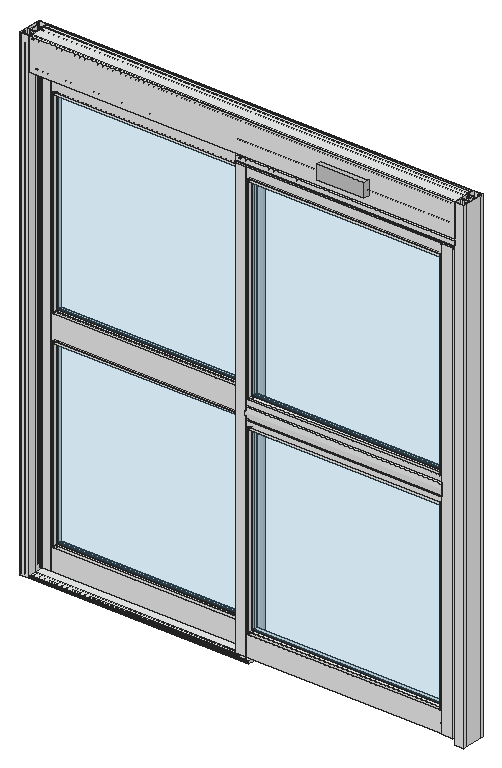
Revit family "2-6-3_Sliding-Door_TX9300SL_Single-RH-Inside-Slide-SX-SO-w-Elec-Lock-Flush-Mnt-Exit-Panic-HDW_Tormax", category Doors, host Wall, Revit 2026
Family settings
  Host = Wall
  Classification Number = 23.30.10.00
  Always vertical = Yes
  Cut with Voids When Loaded = Yes
  Shared = No
  Room Calculation Point = No
Parameters (values of type "7'-0" Package Width")
  Width = 7' - 0"
  URL = "https://www.tormaxusa.com"
  Thickness = 0' - 4 1/2"  # constant formula
  Specification = "https://www.arcat.com/company/tormax-usa-inc-43969/spec"
  Rough Width = Width + 0' 0 1/2"  # 7' - 0 1/2"
  Rough Height = Height + 0' 0 1/4"  # 7' - 8 1/4"
  Product Page URL = "https://www.arcat.com/arcatcos/cos43/arc43969.html"
  Model = "TX9300SL"
  Manufacturer = "Tormax"
  Keynote = "08 42 29"
  Height = 7' - 8"  # constant formula
  Glass = Glass - Tormax
  Frame Projection Ext. = 0' - 0"
  Frame Projection Int. = 0' - 0"
  Frame Width = 0' - 0"
  Wall Closure = By host
  Door Width = Width / 2 - 0' 0 9/16"  # 3' - 5 7/16"
  Door Height = Height  # 7' - 8"
  Frame Material = Aluminum - Tormax
  Description = "Single RH Inside Slide Application (SX-SO) w/ Electric Lock & Flush Mount Exit Panic HDW, 7'-0\" Package Width"
  Define Thermal Properties by = Schematic Type
  Copyright = "ARCAT"
  CAD Details = "https://www.arcat.com/company/tormax-usa-inc-43969/cad"
  Analytic Construction = "<None>"
Reference planes (in)
  plane 1 "Center (Front/Back)": y = 0
  plane 2 "Center (Left/Right)": x = 0
  plane 3 "Left": x = -42.25
  plane 4 "Right": x = 42.25
  plane 5 "Top": z = 91.75
  plane 6 "Exterior": y = 3
  plane 7 "Interior": y = -3
  plane 8: x = -1.3125
  plane 9: x = 1.3125
  plane 10: y = -2.25
  plane 11 "4": z = 85
  plane 12: x = -42
  plane 13: x = 42
  plane 14: z = 91.5
  plane 15: y = 2.25
  plane 16: x = -40.24908
  plane 17: x = 40.24908
  plane 18: y = 0.9375
  plane 19: y = -1.38997
  plane 20: x = 19.46829
  plane 21: z = 0.5
  plane 22: z = -0.5
Forms (in)
  Extrusion 1, solid, material "Plastic - Tormax - Grey"
    sketch origin (0, 0, 0) x (1, 0, 0) y (0, 0, 1)
      loop
        line (14.96829, 89.555) -> (14.96829, 86.945) -> (23.96829, 86.945) -> (23.96829, 89.555) -> (14.96829, 89.555)
    from 2.23036 to 3.23457
  Extrusion 2, solid, material "Plastic - Tormax - Grey"
    sketch origin (0, 0, 0) x (1, 0, 0) y (0, 0, 1)
      loop
        line (14.96829, 89.555) -> (14.96829, 86.945) -> (23.96829, 86.945) -> (23.96829, 89.555) -> (14.96829, 89.555)
    from -3.25 to -2.23457
  Sweep 3, solid, material "Aluminum - Tormax" <- "Frame Material"
    path origin (0, 0, 0) x (1, 0, 0) y (0, 0, 1)
      loop
        line (-40.24908, 85) -> (40.24908, 85)
    profile origin (0, 0, 85) x (0, 0, 1) y (0, -1, 0)
      loop
        line (5.77619, 2.07466) -> (5.77619, 1.22179) -> (5.91858, 1.22179)
        arc (5.91858, 1.22179) -> (5.95775, 1.20557) -> (5.97397, 1.1664) r 0.05539
        line (5.97397, 1.1664) -> (5.97397, 1.11939) -> (6.03942, 1.11939) -> (6.06795, 1.15867) -> (6.25171, 1.15867) -> (6.25171, 0.53164) -> (6.11284, 0.53164) -> (6.11284, 0.64246) -> (6.03429, 0.64246) -> (6.03429, 0.53164) -> (5.97397, 0.53164) -> (5.97397, 0.29669) -> (6.05393, 0.29669) -> (6.05393, 0.42995) -> (6.1928, 0.42995) -> (6.1928, 0.32403) -> (6.33027, 0.32403) -> (6.33027, -0.00721) -> (6.1928, -0.00721) -> (6.1928, -0.11382) -> (6.05393, -0.11382) -> (6.05393, 0.01944) -> (5.97397, 0.01944) -> (5.97397, -0.19378) -> (6.27276, -0.19378) -> (6.27276, -0.11503)
        arc (6.27276, -0.11503) -> (6.30151, -0.08627) -> (6.33027, -0.11503) r 0.02876
        line (6.33027, -0.11503) -> (6.33027, -0.44908)
        arc (6.33027, -0.44908) -> (6.30151, -0.47783) -> (6.27276, -0.44908) r 0.02876
        line (6.27276, -0.44908) -> (6.27276, -0.37032) -> (5.97397, -0.37032) -> (5.97397, -0.58354) -> (6.05393, -0.58354) -> (6.05393, -0.45028) -> (6.1928, -0.45028) -> (6.1928, -0.55689) -> (6.33027, -0.55689) -> (6.33027, -0.88653) -> (6.1928, -0.88653) -> (6.1928, -0.99314) -> (6.05393, -0.99314) -> (6.05393, -0.85988) -> (5.97397, -0.85988) -> (5.97397, -1.0731) -> (6.27276, -1.0731) -> (6.27276, -0.99434)
        arc (6.27276, -0.99434) -> (6.30151, -0.96559) -> (6.33027, -0.99434) r 0.02876
        line (6.33027, -0.99434) -> (6.33027, -1.32981)
        arc (6.33027, -1.32981) -> (6.30151, -1.35856) -> (6.27276, -1.32981) r 0.02876
        line (6.27276, -1.32981) -> (6.27276, -1.25125) -> (5.97397, -1.25125) -> (5.97397, -1.46306) -> (6.05393, -1.46306) -> (6.05393, -1.3298) -> (6.1928, -1.3298) -> (6.1928, -1.43623) -> (6.24189, -1.43623) -> (6.24189, -1.76475) -> (6.1928, -1.76475) -> (6.1928, -1.87407) -> (6.05393, -1.87407) -> (6.05393, -1.7394) -> (5.97397, -1.7394) -> (5.97397, -1.93598)
        arc (5.97397, -1.93598) -> (5.93664, -2.02611) -> (5.84651, -2.06344) r 0.12746
        line (5.84651, -2.06344) -> (1.75483, -2.06344) -> (1.75483, -1.53331) -> (1.9456, -1.35354) -> (1.9456, -0.73504) -> (1.83128, -0.62071) -> (2.08658, -0.36541) -> (2.03117, -0.31001) -> (1.93648, -0.40469) -> (1.83689, -0.3051) -> (1.91264, -0.22935) -> (1.85512, -0.17184) -> (2.08868, 0.06172) -> (2.14619, 0.00421) -> (2.22127, 0.07928) -> (2.32086, -0.02032) -> (2.22615, -0.11502) -> (2.28156, -0.17043) -> (2.38466, -0.06733) -> (2.38466, 0.9202) -> (2.23457, 0.9202) -> (2.23457, 0.32723)
        arc (2.23457, 0.32723) -> (2.2005, 0.23362) -> (2.11423, 0.18382) r 0.14562
        line (2.11423, 0.18382) -> (2.0338, 0.16963)
        arc (2.0338, 0.16963) -> (1.99627, 0.15695) -> (1.96422, 0.13365) r 0.13141
        line (1.96422, 0.13365) -> (1.83569, 0.00654)
        arc (1.83569, 0.00654) -> (1.6158, -0.06179) -> (1.43332, 0.07864) r 0.25
        line (1.43332, 0.07864) -> (1.36206, 0.23145) -> (1.17269, 0.23145) -> (1.17269, 0.1529) -> (1.30595, 0.1529) -> (1.30595, 0.01262) -> (1.19934, 0.01262) -> (1.19934, -0.06867) -> (0.8697, -0.06867) -> (0.8697, 0.01262) -> (0.76309, 0.01262) -> (0.76309, 0.1529) -> (0.89635, 0.1529) -> (0.89635, 0.23145) -> (0.59196, 0.23145) -> (0.59196, 0.11643) -> (0.47481, 0.11643)
        arc (0.47481, 0.11643) -> (0.40392, 0.14579) -> (0.37455, 0.21669) r 0.10026
        line (0.37455, 0.21669) -> (0.37455, 1.02507)
        arc (0.37455, 1.02507) -> (0.36443, 1.03854) -> (0.34867, 1.03258) r 0.01403
        line (0.34867, 1.03258) -> (0.23145, 0.84785) -> (0.23145, 0.28897) -> (-0.01964, 0.28897) -> (-0.01964, 0.45028) -> (-0.21462, 0.45028) -> (-0.21462, 0.4068) -> (-0.15431, 0.4068) -> (-0.15431, 0.33666) -> (-0.48395, 0.33666) -> (-0.48395, 0.4068) -> (-0.42504, 0.4068) -> (-0.42504, 0.45028) -> (-0.62422, 0.45028) -> (-0.62422, 0.04489) -> (-0.42504, 0.04489) -> (-0.42504, 0.08837) -> (-0.48395, 0.08837) -> (-0.48395, 0.15851) -> (-0.15431, 0.15851) -> (-0.15431, 0.08837) -> (-0.21462, 0.08837) -> (-0.21462, 0.04489) -> (0, 0.04489) -> (0, -2.23457) -> (6.5, -2.23457) -> (6.5, -2.00635)
        arc (6.5, -2.00635) -> (6.48905, -1.99208) -> (6.47243, -1.99896) r 0.01477
        line (6.47243, -1.99896) -> (6.41577, -2.09711)
        arc (6.41577, -2.09711) -> (6.39129, -2.10725) -> (6.37515, -2.08622) r 0.02177
        line (6.37515, -2.08622) -> (6.37515, -1.85076) -> (6.5, -1.72592) -> (6.5, 2.23036) -> (0.28141, 2.23036) -> (0.28141, 1.68048) -> (0.40539, 1.68048) -> (0.40539, 2.10552) -> (6.03008, 2.10552) -> (6.03008, 1.97602) -> (5.93246, 1.97602)
        arc (5.93246, 1.97602) -> (5.88314, 1.9267) -> (5.93246, 1.87738) r 0.04932
        line (5.93246, 1.87738) -> (6.29099, 1.87738) -> (6.29099, 2.1562) -> (6.34244, 2.14241)
        arc (6.34244, 2.14241) -> (6.39719, 1.79317) -> (6.22817, 1.4827) r 0.55026
        line (6.22817, 1.4827) -> (6.14932, 1.4827) -> (6.14932, 1.35631) -> (5.87438, 1.35631) -> (5.87438, 1.93675)
        arc (5.87438, 1.93675) -> (5.89217, 1.97971) -> (5.93513, 1.99751) r 0.06075
        line (5.93513, 1.99751) -> (5.99221, 1.99751) -> (5.99221, 2.07466) -> (5.77619, 2.07466)
      loop
        line (0.07995, -1.86565) -> (0.26091, -1.86565) -> (0.26091, -1.94734) -> (0.30619, -1.97106) -> (0.30619, -2.06344) -> (1.5851, -2.06344) -> (1.5851, -1.38773) -> (1.33962, -1.38773) -> (1.33962, -1.17409) -> (1.41957, -1.17409) -> (1.41957, -1.30735) -> (1.55985, -1.30735) -> (1.55985, -1.20075) -> (1.75062, -1.20075) -> (1.75062, -0.8711) -> (1.55985, -0.8711) -> (1.55985, -0.76309) -> (1.41957, -0.76309) -> (1.41957, -0.89776) -> (1.33962, -0.89776) -> (1.33962, -0.66367) -> (1.69036, -0.66367) -> (1.69036, -0.25479) -> (1.4982, -0.21838) -> (0.7408, -0.21838) -> (0.47711, -0.03365) -> (0.3058, -0.03421) -> (0.3058, -0.2539) -> (0.26091, -0.28335) -> (0.26091, -0.39978) -> (0.07995, -0.39978) -> (0.07995, -1.86565)
  Sweep 4, solid, material "Aluminum - Tormax" <- "Frame Material"
    path origin (0, 0, 0) x (1, 0, 0) y (0, 0, 1)
      loop
        line (-42, 91.5) -> (-42, -0.5)
    profile origin (-42, 0, 45.5) x (0, -1, 0) y (1, 0, 0)
      loop
        line (-2.25, 0) -> (-1.81515, 0) -> (-1.81515, 0.11322) -> (-1.69933, 0.11322)
        arc (-1.69933, 0.11322) -> (-1.69067, 0.15137) -> (-1.70596, 0.18738) r 0.06366
        line (-1.70596, 0.18738) -> (-1.81808, 0.18738)
        arc (-1.81808, 0.18738) -> (-1.86945, 0.1699) -> (-1.89951, 0.12472) r 0.08425
        line (-1.89951, 0.12472) -> (-2.12383, 0.12472) -> (-2.12383, 1.62444) -> (-1.01125, 1.62444)
        arc (-1.01125, 1.62444) -> (-0.97854, 1.4893) -> (-0.88136, 1.38986) r 0.2623
        line (-0.88136, 1.38986) -> (-0.88136, 0.87481)
        arc (-0.88136, 0.87481) -> (-0.81729, 0.72014) -> (-0.66261, 0.65607) r 0.21875
        line (-0.66261, 0.65607) -> (0.66817, 0.65607)
        arc (0.66817, 0.65607) -> (0.82039, 0.71912) -> (0.88344, 0.87134) r 0.21527
        line (0.88344, 0.87134) -> (0.88344, 1.39109)
        arc (0.88344, 1.39109) -> (0.97912, 1.49036) -> (1.01125, 1.62444) r 0.2623
        line (1.01125, 1.62444) -> (2.12383, 1.62444) -> (2.12383, 0.12472) -> (1.89951, 0.12472)
        arc (1.89951, 0.12472) -> (1.86945, 0.1699) -> (1.81808, 0.18738) r 0.08425
        line (1.81808, 0.18738) -> (1.71377, 0.18738)
        arc (1.71377, 0.18738) -> (1.69848, 0.15137) -> (1.70714, 0.11322) r 0.06366
        line (1.70714, 0.11322) -> (1.80734, 0.11322) -> (1.80734, 0) -> (2.25, 0) -> (2.25, 1.75092) -> (0.85905, 1.75092) -> (0.85905, 1.49159) -> (0.72205, 1.49159) -> (0.72205, 1.6564) -> (0.66591, 1.6564) -> (0.66591, 1.42631) -> (0.75855, 1.42631) -> (0.75855, 0.87892)
        arc (0.75855, 0.87892) -> (0.72992, 0.80981) -> (0.6608, 0.78118) r 0.09775
        line (0.6608, 0.78118) -> (-0.65544, 0.78118)
        arc (-0.65544, 0.78118) -> (-0.72688, 0.81077) -> (-0.75647, 0.88221) r 0.10104
        line (-0.75647, 0.88221) -> (-0.75647, 1.42631) -> (-0.65809, 1.42631) -> (-0.65809, 1.65835) -> (-0.72205, 1.65835) -> (-0.72205, 1.49159) -> (-0.85868, 1.49159) -> (-0.85868, 1.75092) -> (-2.25, 1.75092) -> (-2.25, 0)
      loop
        line (-1.77192, 0) -> (1.76565, 0) -> (1.76565, 0.07235) -> (1.60504, 0.07235) -> (1.60504, 0.18932) -> (1.6607, 0.18932) -> (1.59241, 0.37695)
        arc (1.59241, 0.37695) -> (1.54664, 0.39829) -> (1.52529, 0.35252) r 0.03571
        line (1.52529, 0.35252) -> (1.57291, 0.22167) -> (1.53738, 0.20277) -> (1.53738, 0.07235) -> (0.63819, 0.07235) -> (0.63819, 0.55414) -> (0.55418, 0.55414) -> (0.55418, 0.07235) -> (-1.53738, 0.07235) -> (-1.53738, 0.20277) -> (-1.57291, 0.22167) -> (-1.52529, 0.35252)
        arc (-1.52529, 0.35252) -> (-1.54664, 0.39829) -> (-1.59241, 0.37695) r 0.03571
        line (-1.59241, 0.37695) -> (-1.6607, 0.18932) -> (-1.60504, 0.18932) -> (-1.60504, 0.07235) -> (-1.77192, 0.07235) -> (-1.77192, 0)
      loop
        line (-0.57123, 1.42631) -> (-0.50727, 1.42631) -> (-0.50727, 1.69246) -> (0.50727, 1.69246) -> (0.50727, 1.42631) -> (0.57123, 1.42631) -> (0.57123, 1.69246) -> (0.72205, 1.69246) -> (0.72205, 1.75092) -> (-0.72205, 1.75092) -> (-0.72205, 1.69246) -> (-0.57123, 1.69246) -> (-0.57123, 1.42631)
  Sweep 5, solid, material "Aluminum - Tormax" <- "Frame Material"
    path origin (0, 0, 0) x (-1, 0, 0) y (0, 0, -1)
      loop
        line (-42, -91.5) -> (-42, 0.5)
    profile origin (42, 0, 45.5) x (0, -1, 0) y (1, 0, 0)
      loop
        line (-2.25, 0) -> (-2.25, -1.75092) -> (-0.85868, -1.75092) -> (-0.85868, -1.49159) -> (-0.72205, -1.49159) -> (-0.72205, -1.65835) -> (-0.65809, -1.65835) -> (-0.65809, -1.42631) -> (-0.75647, -1.42631) -> (-0.75647, -0.88221)
        arc (-0.75647, -0.88221) -> (-0.72688, -0.81077) -> (-0.65544, -0.78118) r 0.10104
        line (-0.65544, -0.78118) -> (0.6608, -0.78118)
        arc (0.6608, -0.78118) -> (0.72992, -0.80981) -> (0.75855, -0.87892) r 0.09775
        line (0.75855, -0.87892) -> (0.75855, -1.42631) -> (0.66591, -1.42631) -> (0.66591, -1.6564) -> (0.72205, -1.6564) -> (0.72205, -1.49159) -> (0.85905, -1.49159) -> (0.85905, -1.75092) -> (2.25, -1.75092) -> (2.25, 0) -> (1.80734, 0) -> (1.80734, -0.11322) -> (1.70714, -0.11322)
        arc (1.70714, -0.11322) -> (1.69848, -0.15137) -> (1.71377, -0.18738) r 0.06366
        line (1.71377, -0.18738) -> (1.81808, -0.18738)
        arc (1.81808, -0.18738) -> (1.86945, -0.1699) -> (1.89951, -0.12472) r 0.08425
        line (1.89951, -0.12472) -> (2.12383, -0.12472) -> (2.12383, -1.62444) -> (1.01125, -1.62444)
        arc (1.01125, -1.62444) -> (0.97912, -1.49036) -> (0.88344, -1.39109) r 0.2623
        line (0.88344, -1.39109) -> (0.88344, -0.87134)
        arc (0.88344, -0.87134) -> (0.82039, -0.71912) -> (0.66817, -0.65607) r 0.21527
        line (0.66817, -0.65607) -> (-0.66261, -0.65607)
        arc (-0.66261, -0.65607) -> (-0.81729, -0.72014) -> (-0.88136, -0.87481) r 0.21875
        line (-0.88136, -0.87481) -> (-0.88136, -1.38986)
        arc (-0.88136, -1.38986) -> (-0.97854, -1.4893) -> (-1.01125, -1.62444) r 0.2623
        line (-1.01125, -1.62444) -> (-2.12383, -1.62444) -> (-2.12383, -0.12472) -> (-1.89951, -0.12472)
        arc (-1.89951, -0.12472) -> (-1.86945, -0.1699) -> (-1.81808, -0.18738) r 0.08425
        line (-1.81808, -0.18738) -> (-1.70596, -0.18738)
        arc (-1.70596, -0.18738) -> (-1.69067, -0.15137) -> (-1.69933, -0.11322) r 0.06366
        line (-1.69933, -0.11322) -> (-1.81515, -0.11322) -> (-1.81515, 0) -> (-2.25, 0)
      loop
        line (-1.77192, 0) -> (-1.77192, -0.07235) -> (-1.60504, -0.07235) -> (-1.60504, -0.18932) -> (-1.6607, -0.18932) -> (-1.59241, -0.37695)
        arc (-1.59241, -0.37695) -> (-1.54664, -0.39829) -> (-1.52529, -0.35252) r 0.03571
        line (-1.52529, -0.35252) -> (-1.57291, -0.22167) -> (-1.53738, -0.20277) -> (-1.53738, -0.07235) -> (0.55418, -0.07235) -> (0.55418, -0.55414) -> (0.63819, -0.55414) -> (0.63819, -0.07235) -> (1.53738, -0.07235) -> (1.53738, -0.20277) -> (1.57291, -0.22167) -> (1.52529, -0.35252)
        arc (1.52529, -0.35252) -> (1.54664, -0.39829) -> (1.59241, -0.37695) r 0.03571
        line (1.59241, -0.37695) -> (1.6607, -0.18932) -> (1.60504, -0.18932) -> (1.60504, -0.07235) -> (1.76565, -0.07235) -> (1.76565, 0) -> (-1.77192, 0)
      loop
        line (-0.57123, -1.42631) -> (-0.57123, -1.69246) -> (-0.72205, -1.69246) -> (-0.72205, -1.75092) -> (0.72205, -1.75092) -> (0.72205, -1.69246) -> (0.57123, -1.69246) -> (0.57123, -1.42631) -> (0.50727, -1.42631) -> (0.50727, -1.69246) -> (-0.50727, -1.69246) -> (-0.50727, -1.42631) -> (-0.57123, -1.42631)
  Sweep 6, solid, material "Aluminum - Tormax"
    path origin (0, 0, 0) x (1, 0, 0) y (0, 0, 1)
      loop
        line (1.3125, 0) -> (-40.24908, 0)
    profile origin (-19.46829, 0, 0) x (0, 0, -1) y (0, -1, 0)
      loop
        line (0, -2.25) -> (0.14181, -2.25) -> (0.14181, -2.17159)
        arc (0.14181, -2.17159) -> (0.17634, -2.06652) -> (0.25381, -1.98759) r 0.24334
        arc (0.25381, -1.98759) -> (0.34911, -2.01203) -> (0.31877, -2.10562) r 0.0675
        line (0.31877, -2.10562) -> (0.27681, -2.12542) -> (0.27681, -2.25) -> (0.5, -2.25) -> (0.5, -1.721) -> (0.25, -1.721) -> (0.25, -1.221) -> (0.5, -1.221) -> (0.5, -1.021) -> (0.25, -1.021) -> (0.25, -0.721) -> (0.5, -0.721) -> (0.5, -0.521) -> (0.25, -0.521) -> (0.25, -0.221) -> (0.5, -0.221) -> (0.5, -0.021) -> (0.25, -0.021) -> (0.25, 0.279) -> (0.5, 0.279) -> (0.5, 0.479) -> (0.25, 0.479) -> (0.25, 0.779) -> (0.5, 0.779) -> (0.5, 1.30347) -> (0.25, 1.30347) -> (0.25, 1.52047) -> (0.5, 1.52047) -> (0.5, 2.25) -> (0.27681, 2.25) -> (0.27681, 2.12542) -> (0.31877, 2.10562)
        arc (0.31877, 2.10562) -> (0.34911, 2.01203) -> (0.25381, 1.98759) r 0.0675
        arc (0.25381, 1.98759) -> (0.17634, 2.06652) -> (0.14181, 2.17159) r 0.24334
        line (0.14181, 2.17159) -> (0.14181, 2.25) -> (0, 2.25) -> (0, 1.86397) -> (0.34, 1.86397) -> (0.34, 1.64697) -> (0, 1.64697) -> (0, 1.17697) -> (0.34, 1.17697) -> (0.34, 0.95997) -> (0, 0.95997) -> (0, -2.25)
  Extrusion 7, solid, material "Aluminum - Tormax"
    sketch origin (0, 0, 0) x (0, 1, 0) y (0, 0, 1)
      loop
        line (-0.95997, 0) -> (-1.17697, 0) -> (-1.17697, -0.34) -> (-0.95997, -0.34) -> (-0.95997, 0)
      loop
        line (-1.64697, 0) -> (-1.86397, 0) -> (-1.86397, -0.34) -> (-1.64697, -0.34) -> (-1.64697, 0)
    from 0 to 1.3125
  Extrusion 8, void
    sketch origin (0, 0, 0) x (1, 0, 0) y (0, 0, 1)
      loop
        line (42, -0.5) -> (42, 0) -> (40.24908, 0) -> (40.24908, -0.5) -> (42, -0.5)
      loop
        line (-42, -0.5) -> (1.3125, -0.5) -> (1.3125, 0) -> (-42, 0) -> (-42, -0.5)
    from -2.25 to 2.25
  Sweep 9, solid, material "Aluminum - Tormax" <- "Frame Material"
    path origin (0, 0, 0) x (1, 0, 0) y (0, 0, 1)
      loop
        line (40.24908, 85) -> (-1.3125, 85)
    profile origin (19.46829, 0, 85) x (0, 0, -1) y (0, -1, 0)
      loop
        line (0.72726, 1.03663) -> (0.72726, 1.51952)
        arc (0.72726, 1.51952) -> (0.80511, 1.59737) -> (0.88296, 1.51952) r 0.07785
        line (0.88296, 1.51952) -> (0.88296, 1.18779)
        arc (0.88296, 1.18779) -> (0.94959, 1.12116) -> (1.01622, 1.18779) r 0.06663
        line (1.01622, 1.18779) -> (1.01622, 2.10973) -> (0.02518, 2.10973) -> (0.02518, 1.55985) -> (-2.37204, 1.55985)
        arc (-2.37204, 1.55985) -> (-2.41952, 1.67959) -> (-2.53701, 1.73239) r 0.17128
        line (-2.53701, 1.73239) -> (-2.78024, 1.73239) -> (-2.78024, 1.49813) -> (-2.70028, 1.49813) -> (-2.70028, 1.63279) -> (-2.56141, 1.63279) -> (-2.56141, 1.52478) -> (-2.46883, 1.52478) -> (-2.46883, 1.19514) -> (-2.56141, 1.19514) -> (-2.56141, 1.08853) -> (-2.70028, 1.08853) -> (-2.70028, 1.22179) -> (-2.78024, 1.22179) -> (-2.78024, 0.98753) -> (-2.53714, 0.98753)
        arc (-2.53714, 0.98753) -> (-2.41956, 1.04028) -> (-2.37204, 1.16007) r 0.17128
        line (-2.37204, 1.16007) -> (0.02518, 1.16007) -> (0.02518, 0.6102) -> (0.70201, 0.6102) -> (0.70201, 0.79396) -> (0.72726, 1.03663)
Cuts and joins
  joined: Sweep 6, Extrusion 7
Lines and regions (in)
  Opening 1
    outline origin (-90, -3, 0) x (1, 0, 0) y (0, 0, 1)
      loop
        line (47.75, 0) -> (132.25, 0) -> (132.25, 91.75) -> (47.75, 91.75) -> (47.75, 0)
  symbolic lines
    curve 1: line (16.46829, 6.25114, 0) -> (17.76733, 7.00114, 0)
    curve 2: line (16.46829, 6.25114, 0) -> (17.76733, 5.50114, 0)
    curve 5: line (16.46829, 6.25114, 0) -> (19.46829, 6.25114, 0)
    curve 6: line (19.46829, 6.25114, 0) -> (22.46829, 6.25114, 0)
    curve 9: line (16.46829, 0, 48.75) -> (17.76733, 0, 49.5)
    curve 10: line (16.46829, 0, 48.75) -> (17.76733, 0, 48)
    curve 11: line (16.46829, 0, 48.75) -> (19.46829, 0, 48.75)
    curve 12: line (19.46829, 0, 48.75) -> (22.46829, 0, 48.75)
    curve 17: arc (-42.25, 2.25, 0) -> (-42.125, 2.20201, 0) -> (-42, 2.25, 0) r 0.1868
    curve 18: arc (-42.25, -2.25, 0) -> (-42.125, -2.20201, 0) -> (-42, -2.25, 0) r 0.1868
    curve 19: arc (42.25, 2.25, 0) -> (42.125, 2.20201, 0) -> (42, 2.25, 0) r 0.1868
    curve 20: arc (42.25, -2.25, 0) -> (42.125, -2.20201, 0) -> (42, -2.25, 0) r 0.1868
    curve 21: arc (0, -2.25, 91.75) -> (0, -2.20222, 91.625) -> (0, -2.25, 91.5) r 0.18739
    curve 22: arc (0, 2.25, 91.75) -> (0, 2.20222, 91.625) -> (0, 2.25, 91.5) r 0.18739
  symbolic lines, not visible
    curve 3: line (-27.55636, -4.55425, 0) -> (-26.25733, -3.80425, 0)
    curve 4: line (-27.55636, -4.55425, 0) -> (-26.25733, -5.30425, 0)
    curve 7: line (-27.55636, -4.55425, 0) -> (-24.55636, -4.55425, 0)
    curve 8: line (-24.55636, -4.55425, 0) -> (-21.55636, -4.55425, 0)
    curve 13: line (22.54055, 0, 51.7829) -> (23.83959, 0, 52.5329)
    curve 14: line (22.54055, 0, 51.7829) -> (23.83959, 0, 51.0329)
    curve 15: line (22.54055, 0, 51.7829) -> (25.54055, 0, 51.7829)
    curve 16: line (25.54055, 0, 51.7829) -> (28.54055, 0, 51.7829)
  symbolic lines, style "Elevation Swing"
    curve 23: line (-40.24908, 0, -0.5) -> (1.3125, 0, -0.5)
    curve 24: line (-40.24908, 0, -0.5) -> (-40.24908, 0, -0.25)
    curve 25: line (1.3125, 0, -0.5) -> (1.3125, 0, 0)
Text (in)
  text "Exterior" at (-49.44534, 5.85808, 0), in view "Ref. Level"
  text "Interior" at (-49.44534, -5.24517, 0), in view "Ref. Level"
  text "Exterior" at (0, 40.15149, 123.01588), in view "Right"
  text "Interior" at (0, -64.39139, 123.01588), in view "Right"
  text "Interior" at (0, -31.01599, 123.00693), in view "Left"
  text "Exterior" at (0, 54.57065, 123.00693), in view "Left"
Dimensions and locks (in)
  "Rough Height": plane 22 to plane 5 "Top"
  equal spacing: plane 3 "Left", plane 2 "Center (Left/Right)", plane 4 "Right"
  level to plane 5 "Top" = 7' - 7 3/4"
  "Rough Width": plane 3 "Left" to plane 4 "Right"
  equal spacing: plane 12, plane 2 "Center (Left/Right)", plane 13
  "Width": plane 12 to plane 13
  "Door Height": plane 14 to plane 22
  plane 14 to plane 11 "4" = 0' - 6 1/2"
  locked: plane 12 to plane 16 at 1.75092
  locked: plane 17 to plane 13 at 1.75092
  equal spacing: plane 8, plane 2 "Center (Left/Right)", plane 9
  locked: plane 8 to plane 9 at 2.625
  plane 2 "Center (Left/Right)" to plane 9 = 0' - 1 5/16"
  locked: plane 10 to plane 19 at 0.86003
  plane 18 to plane 15 = 0' - 1 5/16"
  locked: plane 15 to curve 6 at 4.00114
  Extrusion 1 sketch curve to plane 20 to Extrusion 1 sketch curve = 0' - 4 1/2" locked, 0' - 4 1/2" locked
  Extrusion 1 sketch curve to Extrusion 1 sketch curve to plane 11 "4" = 0' - 2.61" locked, 0' - 1.945" locked
  equal spacing: plane 8, plane 20, plane 17
  Extrusion 2 sketch curve to Extrusion 2 sketch curve = 0' - 9"
  locked: Extrusion 2 sketch curve to Extrusion 2 sketch curve at 2.61
  Extrusion 1 to plane 10 = 0' - 0.98457"
  plane 15 to Extrusion 2 = 0' - 1"
  locked: Extrusion 1 to plane 10 at 0.98457
  locked: plane 15 to Extrusion 2 at 1
  locked: Sweep 6 sketch curve to level at 0.5
  locked: plane 21 to level at 0.5
  locked: plane 21 to curve 12 at 48.25
  locked: plane 22 to level at 0.5
  locked: plane 14 to plane 11 "4" at 6.5
  aligned and locked: Opening 1 sketch curve to level
  aligned and locked: plane 6 "Exterior" to host wall
  aligned and locked: plane 7 "Interior" to host wall
  aligned and locked: Opening 1 sketch curve to plane 3 "Left"
  aligned and locked: Opening 1 sketch curve to plane 4 "Right"
  aligned and locked: plane 5 "Top" to Opening 1 sketch curve
  aligned and locked: plane 3 "Left" to curve 17
  aligned and locked: plane 15 to curve 17  (x2)
  aligned and locked: plane 12 to curve 17
  aligned and locked: plane 10 to curve 18  (x2)
  aligned and locked: plane 12 to curve 18
  aligned and locked: plane 3 "Left" to curve 18
  aligned and locked: plane 13 to curve 19
  aligned and locked: plane 4 "Right" to curve 19
  aligned and locked: plane 15 to curve 19  (x2)
  aligned and locked: plane 10 to curve 20  (x2)
  aligned and locked: plane 13 to curve 20
  aligned and locked: plane 4 "Right" to curve 20
  aligned and locked: plane 5 "Top" to curve 21
  aligned and locked: plane 14 to curve 21
  aligned and locked: plane 10 to curve 21  (x2)
  aligned and locked: plane 5 "Top" to curve 22
  aligned and locked: plane 15 to curve 22  (x2)
  aligned and locked: plane 14 to curve 22
  aligned and locked: plane 20 to curve 12
  aligned and locked: plane 20 to curve 6
  aligned and locked: Sweep 4 sketch curve to plane 16  (x3)
  aligned and locked: plane 12 to Sweep 4 sketch curve  (x3)
  aligned and locked: plane 13 to Sweep 5 sketch curve  (x3)
  aligned and locked: plane 17 to Sweep 5 sketch curve  (x3)
  aligned and locked: plane 10 to Sweep 5 sketch curve
  aligned and locked: Sweep 5 sketch curve to plane 15
  aligned and locked: plane 15 to Sweep 4 sketch curve
  aligned and locked: Sweep 4 sketch curve to plane 10
  aligned and locked: Sweep 5 sketch curve to plane 13
  aligned and locked: plane 14 to Sweep 5 sketch curve
  aligned and locked: level to Sweep 6 sketch curve
  aligned and locked: plane 9 to Sweep 6 sketch curve
  aligned and locked: Sweep 6 sketch curve to level
  aligned and locked: Sweep 6 sketch curve to plane 15
  aligned and locked: Sweep 6 sketch curve to plane 10  (x2)
  aligned and locked: plane 16 to Sweep 6 sketch curve
  aligned and locked: level to Extrusion 7 sketch curve
  aligned and locked: Extrusion 7 sketch curve to Sweep 6  (x6)
  aligned and locked: Extrusion 7 to plane 2 "Center (Left/Right)"
  aligned and locked: Extrusion 7 to plane 9
  aligned and locked: plane 16 to curve 24
  aligned and locked: curve 25 to plane 9
  aligned and locked: level to curve 25
  aligned and locked: plane 22 to Sweep 5 sketch curve
  aligned and locked: plane 22 to Sweep 4 sketch curve
  aligned and locked: plane 13 to Extrusion 8 sketch curve
  aligned and locked: Extrusion 8 sketch curve to plane 17
  aligned and locked: plane 22 to Extrusion 8 sketch curve
  aligned and locked: plane 12 to Extrusion 8 sketch curve
  aligned and locked: Extrusion 8 sketch curve to plane 9
  aligned and locked: Extrusion 8 to plane 15
  aligned and locked: plane 10 to Extrusion 8
  aligned and locked: Extrusion 8 sketch curve to level  (x2)
  aligned and locked: Extrusion 8 sketch curve to plane 22
  aligned and locked: plane 19 to nested 2
  aligned and locked: nested 2 to plane 8
  aligned and locked: nested 1 to plane 18
  aligned and locked: nested 1 to plane 9
  aligned and locked: Sweep 3 sketch curve to plane 14
  aligned and locked: Sweep 3 sketch curve to plane 11 "4"
  aligned and locked: Extrusion 1 to Sweep 3
  aligned and locked: Extrusion 2 to Sweep 3
  aligned and locked: Sweep 9 sketch curve to plane 11 "4"
  aligned and locked: plane 8 to Sweep 9 sketch curve
  aligned and locked: plane 17 to Sweep 9 sketch curve
Automatic sketch dimensions
  curve 1 to curve 2 = 0' - 0"
  curve 2 to curve 5 = 0' - 1.70096"
  curve 2 to curve 1 = 0' - 1 1/2"
  curve 1 to curve 6 = 0' - 3"
  curve 5 to curve 6 = 0' - 3"
  curve 2 to curve 1 = 0' - 0 3/4"
  curve 3 to curve 4 = 0' - 0"
  curve 4 to curve 7 = 0' - 1.70096"
  curve 4 to curve 3 = 0' - 1 1/2"
  curve 3 to curve 8 = 0' - 3"
  curve 7 to curve 8 = 0' - 3"
  curve 4 to curve 3 = 0' - 0 3/4"
  Sweep 4 sketch curve to plane 12 = 0' - 0"
  Sweep 4 sketch curve to plane 14 = 0' - 0"
  plane 10 to curve 18 = 0' - 0.13881"
  plane 10 to curve 20 = 0' - 0.13881"
  curve 19 to plane 15 = 0' - 0.13881"
  curve 17 to plane 15 = 0' - 0.13881"
  Extrusion 2 sketch curve to plane 11 "4" = 0' - 1.945"
  plane 20 to Extrusion 2 sketch curve = 0' - 4 1/2"
  Sweep 3 sketch curve to plane 11 "4" = 0' - 0"
  Sweep 3 sketch curve to plane 16 = 0' - 0"
  plane 17 to Sweep 3 sketch curve = 0' - 0"
  Sweep 4 sketch curve to Sweep 4 sketch curve = 0' - 0.12617"  (x2)
  Sweep 4 sketch curve to profile plane = 0' - 0.12472"
  Sweep 4 sketch curve to Sweep 4 sketch curve = 0' - 0.22432"
  Sweep 4 sketch curve to Sweep 4 sketch curve = 0' - 0.08144"  (x2)
  Sweep 4 sketch curve to Sweep 4 sketch curve = 0' - 0.00293"
  Sweep 4 sketch curve to Sweep 4 sketch curve = 0' - 0.04323"
  Sweep 4 sketch curve to Sweep 4 sketch curve = 0' - 0.06108"
  Sweep 4 sketch curve to Sweep 4 sketch curve = 0' - 0.04812"
  Sweep 4 sketch curve to Sweep 4 sketch curve = 0' - 0.05475"  (x2)
  Sweep 4 sketch curve to profile plane = 0' - 0.18932"  (x2)
  Sweep 4 sketch curve to Sweep 4 sketch curve = 0' - 0.04525"
  Sweep 4 sketch curve to Sweep 4 sketch curve = 0' - 0.09429"
  Sweep 4 sketch curve to profile plane = 0' - 0.37695"  (x2)
  Sweep 4 sketch curve to Sweep 4 sketch curve = 0' - 0.01262"
  Sweep 4 sketch curve to profile plane = 0' - 0.22167"  (x2)
  Sweep 4 sketch curve to Sweep 4 sketch curve = 0' - 0.03212"  (x2)
  Sweep 4 sketch curve to Sweep 4 sketch curve = 0' - 0.03356"  (x4)
  Sweep 4 sketch curve to Sweep 4 sketch curve = 0' - 0.06766"
  Sweep 4 sketch curve to profile plane = 0' - 0.35252"  (x2)
  Sweep 4 sketch curve to plane 1 "Center (Front/Back)" = 0' - 1.01125"
  Sweep 4 sketch curve to Sweep 4 sketch curve = 0' - 0.12989"
  Sweep 4 sketch curve to Sweep 4 sketch curve = 0' - 0.15256"
  Sweep 4 sketch curve to Sweep 4 sketch curve = 0' - 0.10221"
  Sweep 4 sketch curve to Sweep 4 sketch curve = 0' - 0.10961"
  Sweep 4 sketch curve to Sweep 4 sketch curve = 0' - 0.02702"  (x2)
  Sweep 4 sketch curve to Sweep 4 sketch curve = 0' - 0"  (x7)
  Sweep 4 sketch curve to Sweep 4 sketch curve = 0' - 0.09386"
  Sweep 4 sketch curve to Sweep 4 sketch curve = 0' - 0.06396"  (x3)
  Sweep 4 sketch curve to Sweep 4 sketch curve = 0' - 0.00718"
  Sweep 4 sketch curve to Sweep 4 sketch curve = 0' - 0.08686"
  plane 1 "Center (Front/Back)" to Sweep 4 sketch curve = 0' - 0.50727"
  Sweep 4 sketch curve to profile plane = 0' - 0.07235"  (x2)
  plane 1 "Center (Front/Back)" to Sweep 4 sketch curve = 0' - 0.55418"
  Sweep 4 sketch curve to Sweep 4 sketch curve = 0' - 0.084"
  Sweep 4 sketch curve to Sweep 4 sketch curve = 0' - 0.02262"
  Sweep 4 sketch curve to Sweep 4 sketch curve = 0' - 0.09468"
  Sweep 4 sketch curve to Sweep 4 sketch curve = 0' - 0.02998"
  Sweep 4 sketch curve to Sweep 4 sketch curve = 0' - 0.05614"
  Sweep 4 sketch curve to Sweep 4 sketch curve = 0' - 0.0365"
  Sweep 4 sketch curve to Sweep 4 sketch curve = 0' - 0.10049"  (x2)
  Sweep 4 sketch curve to Sweep 4 sketch curve = 0' - 0.02439"
  Sweep 4 sketch curve to Sweep 4 sketch curve = 0' - 0.1522"
  Sweep 4 sketch curve to Sweep 4 sketch curve = 0' - 0.72471"
  Sweep 4 sketch curve to Sweep 4 sketch curve = 0' - 0.01209"
  Sweep 4 sketch curve to Sweep 4 sketch curve = 0' - 0.03554"
  Sweep 4 sketch curve to Sweep 4 sketch curve = 0' - 0.05567"
  Sweep 4 sketch curve to Sweep 4 sketch curve = 0' - 0.04643"
  Sweep 4 sketch curve to Sweep 4 sketch curve = 0' - 0.05307"
  Sweep 4 sketch curve to Sweep 4 sketch curve = 0' - 0.05852"
  Sweep 4 sketch curve to Sweep 4 sketch curve = 0' - 0.04168"
  Sweep 4 sketch curve to Sweep 4 sketch curve = 0' - 0.01074"
  Sweep 4 sketch curve to Sweep 4 sketch curve = 0' - 0.03079"  (x2)
  Sweep 4 sketch curve to Sweep 4 sketch curve = 0' - 0.01009"  (x2)
  Sweep 4 sketch curve to Sweep 4 sketch curve = 0' - 0.02159"
  Sweep 4 sketch curve to Sweep 4 sketch curve = 0' - 0.0189"  (x2)
  Sweep 4 sketch curve to Sweep 4 sketch curve = 0' - 0.4818"
  Sweep 4 sketch curve to profile plane = 0' - 0.65607"
  Sweep 4 sketch curve to Sweep 4 sketch curve = 0' - 0.09016"
  Sweep 4 sketch curve to Sweep 4 sketch curve = 0' - 0.36106"
  Sweep 4 sketch curve to Sweep 4 sketch curve = 0' - 0.35983"
  Sweep 4 sketch curve to Sweep 4 sketch curve = 0' - 0.03645"
  Sweep 4 sketch curve to Sweep 4 sketch curve = 0' - 0.03522"
  Sweep 4 sketch curve to Sweep 4 sketch curve = 0' - 0.10172"
  Sweep 4 sketch curve to Sweep 4 sketch curve = 0' - 0.12477"  (x2)
  Sweep 4 sketch curve to Sweep 4 sketch curve = 0' - 0.04004"
  Sweep 4 sketch curve to Sweep 4 sketch curve = 0' - 0.04199"
  Sweep 4 sketch curve to Sweep 4 sketch curve = 0' - 0.03606"
  Sweep 4 sketch curve to Sweep 4 sketch curve = 0' - 0.03411"
  Sweep 5 sketch curve to Sweep 5 sketch curve = 0' - 0.12617"  (x2)
  profile plane to Sweep 5 sketch curve = 0' - 0.12472"  (x2)
  Sweep 5 sketch curve to Sweep 5 sketch curve = 0' - 0.22432"
  Sweep 5 sketch curve to Sweep 5 sketch curve = 0' - 0.08144"  (x2)
  Sweep 5 sketch curve to Sweep 5 sketch curve = 0' - 0.00293"
  Sweep 5 sketch curve to Sweep 5 sketch curve = 0' - 0.04323"
  Sweep 5 sketch curve to Sweep 5 sketch curve = 0' - 0.06108"
  Sweep 5 sketch curve to Sweep 5 sketch curve = 0' - 0.04812"
  Sweep 5 sketch curve to Sweep 5 sketch curve = 0' - 0.05475"  (x2)
  profile plane to Sweep 5 sketch curve = 0' - 0.18932"  (x2)
  Sweep 5 sketch curve to Sweep 5 sketch curve = 0' - 0.04525"
  Sweep 5 sketch curve to Sweep 5 sketch curve = 0' - 0.09429"
  profile plane to Sweep 5 sketch curve = 0' - 0.37695"  (x2)
  Sweep 5 sketch curve to Sweep 5 sketch curve = 0' - 0.01262"
  profile plane to Sweep 5 sketch curve = 0' - 0.22167"  (x2)
  Sweep 5 sketch curve to Sweep 5 sketch curve = 0' - 0.03212"  (x2)
  Sweep 5 sketch curve to Sweep 5 sketch curve = 0' - 0.03356"  (x4)
  Sweep 5 sketch curve to Sweep 5 sketch curve = 0' - 0.06766"
  profile plane to Sweep 5 sketch curve = 0' - 0.35252"  (x2)
  Sweep 5 sketch curve to plane 1 "Center (Front/Back)" = 0' - 1.01125"
  Sweep 5 sketch curve to Sweep 5 sketch curve = 0' - 0.12989"
  Sweep 5 sketch curve to Sweep 5 sketch curve = 0' - 0.15256"
  Sweep 5 sketch curve to Sweep 5 sketch curve = 0' - 0.10221"
  Sweep 5 sketch curve to Sweep 5 sketch curve = 0' - 0.10961"
  Sweep 5 sketch curve to Sweep 5 sketch curve = 0' - 0.02702"  (x2)
  Sweep 5 sketch curve to Sweep 5 sketch curve = 0' - 0"  (x4)
  Sweep 5 sketch curve to Sweep 5 sketch curve = 0' - 0.09386"
  Sweep 5 sketch curve to Sweep 5 sketch curve = 0' - 0.06396"  (x3)
  Sweep 5 sketch curve to Sweep 5 sketch curve = 0' - 0.00718"
  Sweep 5 sketch curve to Sweep 5 sketch curve = 0' - 0.08686"
  plane 1 "Center (Front/Back)" to Sweep 5 sketch curve = 0' - 0.50727"
  profile plane to Sweep 5 sketch curve = 0' - 0.07235"
  plane 1 "Center (Front/Back)" to Sweep 5 sketch curve = 0' - 0.55418"
  Sweep 5 sketch curve to Sweep 5 sketch curve = 0' - 0.084"
  Sweep 5 sketch curve to Sweep 5 sketch curve = 0' - 0.02262"
  Sweep 5 sketch curve to Sweep 5 sketch curve = 0' - 0.09468"
  Sweep 5 sketch curve to Sweep 5 sketch curve = 0' - 0.02998"
  Sweep 5 sketch curve to Sweep 5 sketch curve = 0' - 0.05614"
  Sweep 5 sketch curve to Sweep 5 sketch curve = 0' - 0.0365"
  Sweep 5 sketch curve to Sweep 5 sketch curve = 0' - 0.10049"
  Sweep 5 sketch curve to Sweep 5 sketch curve = 0' - 0.02439"
  Sweep 5 sketch curve to Sweep 5 sketch curve = 0' - 0.1522"
  Sweep 5 sketch curve to Sweep 5 sketch curve = 0' - 0.72471"
  Sweep 5 sketch curve to Sweep 5 sketch curve = 0' - 0.01209"
  Sweep 5 sketch curve to Sweep 5 sketch curve = 0' - 0.03554"
  Sweep 5 sketch curve to Sweep 5 sketch curve = 0' - 0.05567"
  Sweep 5 sketch curve to Sweep 5 sketch curve = 0' - 0.04643"
  Sweep 5 sketch curve to Sweep 5 sketch curve = 0' - 0.05307"
  Sweep 5 sketch curve to Sweep 5 sketch curve = 0' - 0.05852"
  Sweep 5 sketch curve to Sweep 5 sketch curve = 0' - 0.04168"  (x3)
  Sweep 5 sketch curve to Sweep 5 sketch curve = 0' - 0.01074"
  Sweep 5 sketch curve to Sweep 5 sketch curve = 0' - 0.05846"  (x3)
  Sweep 5 sketch curve to Sweep 5 sketch curve = 0' - 0.03411"
  Sweep 5 sketch curve to Sweep 5 sketch curve = 0' - 0.03606"
  Sweep 5 sketch curve to Sweep 5 sketch curve = 0' - 0.12648"  (x2)
  Sweep 5 sketch curve to Sweep 5 sketch curve = 0' - 0.04199"
  Sweep 5 sketch curve to Sweep 5 sketch curve = 0' - 0.04004"
  Sweep 5 sketch curve to Sweep 5 sketch curve = 0' - 0.12477"
  Sweep 5 sketch curve to Sweep 5 sketch curve = 0' - 0.10172"
  Sweep 5 sketch curve to Sweep 5 sketch curve = 0' - 0.06528"  (x3)
  Sweep 5 sketch curve to Sweep 5 sketch curve = 0' - 0.50765"
  Sweep 5 sketch curve to Sweep 5 sketch curve = 0' - 0.0074"
  Sweep 5 sketch curve to Sweep 5 sketch curve = 0' - 0.10192"
  Sweep 5 sketch curve to Sweep 5 sketch curve = 0' - 0.0189"  (x2)
  Sweep 5 sketch curve to Sweep 5 sketch curve = 0' - 0.00194"  (x2)
  Sweep 5 sketch curve to Sweep 5 sketch curve = 0' - 0.04088"
  Sweep 5 sketch curve to Sweep 5 sketch curve = 0' - 0.03079"
  Sweep 6 sketch curve to profile plane = 0' - 0.14181"  (x2)
  Sweep 6 sketch curve to Sweep 6 sketch curve = 0' - 0.135"  (x2)
  Sweep 6 sketch curve to Sweep 6 sketch curve = 0' - 0.01316"  (x2)
  Sweep 6 sketch curve to Sweep 6 sketch curve = 0' - 0.04196"  (x2)
  Sweep 6 sketch curve to Sweep 6 sketch curve = 0' - 0.06543"  (x2)
  Sweep 6 sketch curve to Sweep 6 sketch curve = 0' - 0"  (x14)
  Sweep 6 sketch curve to Sweep 6 sketch curve = 0' - 0.05696"  (x2)
  Sweep 6 sketch curve to Sweep 6 sketch curve = 0' - 0.07841"  (x2)
  Sweep 6 sketch curve to Sweep 6 sketch curve = 0' - 0.12458"
  Sweep 6 sketch curve to Sweep 6 sketch curve = 0' - 0.0198"  (x2)
  Sweep 6 sketch curve to Sweep 6 sketch curve = 0' - 0.06104"  (x2)
  Sweep 6 sketch curve to Sweep 6 sketch curve = 0' - 0.04617"
  Sweep 6 sketch curve to Sweep 6 sketch curve = 0' - 0.08619"
  Sweep 6 sketch curve to Sweep 6 sketch curve = 0' - 0.09"  (x3)
  Sweep 6 sketch curve to profile plane = 0' - 0 1/4"  (x3)
  Sweep 6 sketch curve to Sweep 6 sketch curve = 0' - 0 1/4"  (x3)
  Sweep 6 sketch curve to Sweep 6 sketch curve = 0' - 0.16"  (x2)
  plane 1 "Center (Front/Back)" to Sweep 6 sketch curve = 0' - 0.279"
  Sweep 6 sketch curve to Sweep 6 sketch curve = 0' - 0.2"  (x8)
  Sweep 6 sketch curve to Sweep 6 sketch curve = 0' - 0.18097"
  Sweep 6 sketch curve to Sweep 6 sketch curve = 0' - 0.217"  (x5)
  Sweep 6 sketch curve to Sweep 6 sketch curve = 0' - 0.1265"  (x3)
  Sweep 6 sketch curve to Sweep 6 sketch curve = 0' - 0.12362"
  Sweep 6 sketch curve to plane 1 "Center (Front/Back)" = 0' - 0.021"  (x2)
  Sweep 6 sketch curve to Sweep 6 sketch curve = 0' - 0.26659"
  Sweep 6 sketch curve to Sweep 6 sketch curve = 0' - 0 1/2"
  Sweep 6 sketch curve to Sweep 6 sketch curve = 0' - 0.3"  (x2)
  Sweep 6 sketch curve to profile plane = 0' - 0"  (x2)
  Sweep 6 sketch curve to Sweep 6 sketch curve = 0' - 0.1158"
  Extrusion 7 sketch curve to level = 0' - 0"
  curve 23 to curve 24 = 0' - 0 1/4"
  curve 23 to level = 0' - 0 1/2"
  Sweep 3 sketch curve to Sweep 3 sketch curve = 0' - 0.14027"  (x3)
  Sweep 3 sketch curve to Sweep 3 sketch curve = 0' - 0"  (x10)
  Sweep 3 sketch curve to Sweep 3 sketch curve = 0' - 0.05891"  (x2)
  Sweep 3 sketch curve to Sweep 3 sketch curve = 0' - 0.21041"  (x2)
  Sweep 3 sketch curve to Sweep 3 sketch curve = 0' - 0.06032"  (x3)
  Sweep 3 sketch curve to Sweep 3 sketch curve = 0' - 0.13466"
  Sweep 3 sketch curve to Sweep 3 sketch curve = 0' - 0.07995"  (x2)
  Sweep 3 sketch curve to Sweep 3 sketch curve = 0' - 0.25109"
  Sweep 3 sketch curve to Sweep 3 sketch curve = 0' - 0.18095"  (x2)
  Sweep 3 sketch curve to Sweep 3 sketch curve = 0' - 0.04489"
  Sweep 3 sketch curve to Sweep 3 sketch curve = 0' - 0.04528"
  Sweep 3 sketch curve to Sweep 3 sketch curve = 0' - 0.11722"
  Sweep 3 sketch curve to Sweep 3 sketch curve = 0' - 0.01185"
  Sweep 3 sketch curve to Sweep 3 sketch curve = 0' - 0.1431"
  Sweep 3 sketch curve to Sweep 3 sketch curve = 0' - 0.12398"
  Sweep 3 sketch curve to Sweep 3 sketch curve = 0' - 0.10026"
  Sweep 3 sketch curve to Sweep 3 sketch curve = 0' - 0.0023"
  Sweep 3 sketch curve to Sweep 3 sketch curve = 0' - 0.11715"
  Sweep 3 sketch curve to Sweep 3 sketch curve = 0' - 0.26369"
  Sweep 3 sketch curve to Sweep 3 sketch curve = 0' - 0.17113"  (x3)
  Sweep 3 sketch curve to Sweep 3 sketch curve = 0' - 0.10661"  (x4)
  Sweep 3 sketch curve to Sweep 3 sketch curve = 0' - 0.13326"  (x4)
  Sweep 3 sketch curve to Sweep 3 sketch curve = 0' - 0.27634"  (x4)
  Sweep 3 sketch curve to Sweep 3 sketch curve = 0' - 0.02665"  (x3)
  Sweep 3 sketch curve to Sweep 3 sketch curve = 0' - 1.07871"
  Sweep 3 sketch curve to Sweep 3 sketch curve = 0' - 0.05611"
  Sweep 3 sketch curve to Sweep 3 sketch curve = 0' - 0.07996"  (x14)
  Sweep 3 sketch curve to Sweep 3 sketch curve = 0' - 0.12737"
  Sweep 3 sketch curve to Sweep 3 sketch curve = 0' - 0.19224"
  Sweep 3 sketch curve to Sweep 3 sketch curve = 0' - 0.14028"  (x2)
  Sweep 3 sketch curve to Sweep 3 sketch curve = 0' - 0.02525"
  Sweep 3 sketch curve to Sweep 3 sketch curve = 0' - 0 29/128"
  Sweep 3 sketch curve to Sweep 3 sketch curve = 0' - 0.19216"
  Sweep 3 sketch curve to Sweep 3 sketch curve = 0' - 0.19077"
  Sweep 3 sketch curve to Sweep 3 sketch curve = 0' - 0.16973"
  Sweep 3 sketch curve to Sweep 3 sketch curve = 0' - 0.14093"
  Sweep 3 sketch curve to Sweep 3 sketch curve = 0' - 0 45/256"
  Sweep 3 sketch curve to Sweep 3 sketch curve = 0' - 0.14653"
  Sweep 3 sketch curve to Sweep 3 sketch curve = 0' - 0.01823"
  Sweep 3 sketch curve to Sweep 3 sketch curve = 0' - 0.05751"  (x2)
  Sweep 3 sketch curve to Sweep 3 sketch curve = 0' - 0.0996"
  Sweep 3 sketch curve to Sweep 3 sketch curve = 0' - 0.19498"
  Sweep 3 sketch curve to Sweep 3 sketch curve = 0' - 0.12852"
  Sweep 3 sketch curve to Sweep 3 sketch curve = 0' - 0.09469"
  Sweep 3 sketch curve to Sweep 3 sketch curve = 0' - 0.06959"
  Sweep 3 sketch curve to Sweep 3 sketch curve = 0' - 0.09241"
  Sweep 3 sketch curve to Sweep 3 sketch curve = 0' - 0.05541"  (x2)
  Sweep 3 sketch curve to Sweep 3 sketch curve = 0' - 0.03206"
  Sweep 3 sketch curve to Sweep 3 sketch curve = 0' - 0.05514"
  Sweep 3 sketch curve to Sweep 3 sketch curve = 0' - 0.08043"
  Sweep 3 sketch curve to Sweep 3 sketch curve = 0' - 0.07507"
  Sweep 3 sketch curve to Sweep 3 sketch curve = 0' - 0.14562"
  Sweep 3 sketch curve to Sweep 3 sketch curve = 0' - 0.09471"
  Sweep 3 sketch curve to Sweep 3 sketch curve = 0' - 0.15009"
  Sweep 3 sketch curve to Sweep 3 sketch curve = 0' - 0 9/128"
  Sweep 3 sketch curve to Sweep 3 sketch curve = 0' - 0.07881"
  Sweep 3 sketch curve to Sweep 3 sketch curve = 0' - 0.09819"
  Sweep 3 sketch curve to Sweep 3 sketch curve = 0' - 0.1424"
  Sweep 3 sketch curve to Sweep 3 sketch curve = 0' - 0.07746"
  Sweep 3 sketch curve to Sweep 3 sketch curve = 0' - 0.00267"
  Sweep 3 sketch curve to Sweep 3 sketch curve = 0' - 0.05539"
  Sweep 3 sketch curve to Sweep 3 sketch curve = 0' - 0.12746"  (x2)
  Sweep 3 sketch curve to Sweep 3 sketch curve = 0' - 0.05708"
  Sweep 3 sketch curve to Sweep 3 sketch curve = 0' - 0.03787"
  Sweep 3 sketch curve to Sweep 3 sketch curve = 0' - 0.06545"
  Sweep 3 sketch curve to Sweep 3 sketch curve = 0' - 0.01964"
  Sweep 3 sketch curve to Sweep 3 sketch curve = 0' - 0.02854"
  Sweep 3 sketch curve to Sweep 3 sketch curve = 0' - 0.07855"  (x3)
  Sweep 3 sketch curve to Sweep 3 sketch curve = 0' - 0.27494"
  Sweep 3 sketch curve to Sweep 3 sketch curve = 0' - 0.13887"  (x6)
  Sweep 3 sketch curve to Sweep 3 sketch curve = 0' - 0.07885"
  Sweep 3 sketch curve to Sweep 3 sketch curve = 0' - 0.0491"
  Sweep 3 sketch curve to Sweep 3 sketch curve = 0' - 0.05892"
  Sweep 3 sketch curve to Sweep 3 sketch curve = 0' - 0.26091"
  Sweep 3 sketch curve to Sweep 3 sketch curve = 0' - 0.02876"  (x2)
  Sweep 3 sketch curve to Sweep 3 sketch curve = 0' - 0.05145"
  Sweep 3 sketch curve to Sweep 3 sketch curve = 0' - 0.18236"
  Sweep 3 sketch curve to Sweep 3 sketch curve = 0' - 0.02177"
  Sweep 3 sketch curve to Sweep 3 sketch curve = 0' - 0.01885"
  Sweep 3 sketch curve to Sweep 3 sketch curve = 0' - 0.05666"
  Sweep 3 sketch curve to Sweep 3 sketch curve = 0' - 0.01279"
  Sweep 3 sketch curve to Sweep 3 sketch curve = 0' - 0.01477"
  Sweep 3 sketch curve to Sweep 3 sketch curve = 0' - 0.12485"  (x2)
  Sweep 3 sketch curve to Sweep 3 sketch curve = 0' - 0.13746"
  Sweep 3 sketch curve to Sweep 3 sketch curve = 0' - 0.09076"
  Sweep 3 sketch curve to Sweep 3 sketch curve = 0' - 0.09238"
  Sweep 3 sketch curve to Sweep 3 sketch curve = 0' - 0.02372"
  Sweep 3 sketch curve to Sweep 3 sketch curve = 0' - 0.06191"
  Sweep 3 sketch curve to Sweep 3 sketch curve = 0' - 0.08169"
  Sweep 3 sketch curve to Sweep 3 sketch curve = 0' - 0.1482"
  Sweep 3 sketch curve to Sweep 3 sketch curve = 0' - 0.10932"
  Sweep 3 sketch curve to Sweep 3 sketch curve = 0' - 0.13467"
  Sweep 3 sketch curve to Sweep 3 sketch curve = 0' - 0.53013"
  Sweep 3 sketch curve to Sweep 3 sketch curve = 0' - 0.02683"
  Sweep 3 sketch curve to Sweep 3 sketch curve = 0' - 0.14557"
  Sweep 3 sketch curve to Sweep 3 sketch curve = 0' - 0.17977"
  Sweep 3 sketch curve to Sweep 3 sketch curve = 0' - 0.10643"
  Sweep 3 sketch curve to Sweep 3 sketch curve = 0' - 0.08038"
  Sweep 3 sketch curve to Sweep 3 sketch curve = 0' - 0.07856"
  Sweep 3 sketch curve to Sweep 3 sketch curve = 0' - 0.17815"
  Sweep 3 sketch curve to Sweep 3 sketch curve = 0' - 0.07876"  (x2)
  Sweep 3 sketch curve to Sweep 3 sketch curve = 0' - 0.0012"  (x2)
  Sweep 3 sketch curve to Sweep 3 sketch curve = 0' - 0.10781"  (x2)
  Sweep 3 sketch curve to Sweep 3 sketch curve = 0' - 0.10801"
  Sweep 3 sketch curve to Sweep 3 sketch curve = 0' - 0.13607"
  Sweep 3 sketch curve to Sweep 3 sketch curve = 0' - 0.09942"
  Sweep 3 sketch curve to Sweep 3 sketch curve = 0' - 0 11/256"
  Sweep 3 sketch curve to Sweep 3 sketch curve = 0' - 0.26389"
  Sweep 3 sketch curve to Sweep 3 sketch curve = 0' - 0.11643"
  Sweep 3 sketch curve to Sweep 3 sketch curve = 0' - 0.0503"
  Sweep 3 sketch curve to Sweep 3 sketch curve = 0' - 0.02946"
  Sweep 3 sketch curve to Sweep 3 sketch curve = 0' - 0.03641"
  Sweep 3 sketch curve to Sweep 3 sketch curve = 0' - 0.17654"
  Sweep 3 sketch curve to Sweep 3 sketch curve = 0' - 0.14971"
  Sweep 3 sketch curve to Sweep 3 sketch curve = 0' - 0.21969"
  Sweep 3 sketch curve to Sweep 3 sketch curve = 0' - 0.00056"
  Sweep 3 sketch curve to Sweep 3 sketch curve = 0' - 0.17838"
  Sweep 3 sketch curve to Sweep 3 sketch curve = 0' - 0.0813"  (x2)
  Sweep 3 sketch curve to Sweep 3 sketch curve = 0' - 0.0215"
  Sweep 3 sketch curve to Sweep 3 sketch curve = 0' - 0.44467"
  Sweep 3 sketch curve to Sweep 3 sketch curve = 0' - 0.0791"
  Sweep 3 sketch curve to Sweep 3 sketch curve = 0' - 0.06601"
  Sweep 3 sketch curve to Sweep 3 sketch curve = 0' - 0.04349"  (x2)
  Sweep 3 sketch curve to Sweep 3 sketch curve = 0' - 0.15008"
  Sweep 3 sketch curve to Sweep 3 sketch curve = 0' - 0.09343"
  Sweep 3 sketch curve to Sweep 3 sketch curve = 0' - 0.07014"  (x3)
  Sweep 3 sketch curve to Sweep 3 sketch curve = 0' - 0.01418"
  Sweep 3 sketch curve to Sweep 3 sketch curve = 0' - 0.13046"
  Sweep 3 sketch curve to Sweep 3 sketch curve = 0' - 0.27725"
  Sweep 3 sketch curve to Sweep 3 sketch curve = 0' - 0 7/256"
  Sweep 3 sketch curve to Sweep 3 sketch curve = 0' - 0.04769"
  Sweep 3 sketch curve to Sweep 3 sketch curve = 0' - 0.10591"
  Sweep 3 sketch curve to Sweep 3 sketch curve = 0' - 0.04348"  (x2)
  Sweep 3 sketch curve to Sweep 3 sketch curve = 0' - 0.10169"
  Sweep 3 sketch curve to Sweep 3 sketch curve = 0' - 0.11082"
  Sweep 3 sketch curve to Sweep 3 sketch curve = 0' - 0.59297"
  Sweep 3 sketch curve to Sweep 3 sketch curve = 0' - 0.17721"
  Sweep 3 sketch curve to Sweep 3 sketch curve = 0' - 0.47693"
  Sweep 3 sketch curve to Sweep 3 sketch curve = 0' - 0.03928"
  Sweep 3 sketch curve to Sweep 3 sketch curve = 0' - 0.04701"
  Sweep 3 sketch curve to Sweep 3 sketch curve = 0' - 0.13452"
  Sweep 3 sketch curve to Sweep 3 sketch curve = 0' - 0.12639"
  Sweep 3 sketch curve to Sweep 3 sketch curve = 0' - 0.39468"
  Sweep 3 sketch curve to Sweep 3 sketch curve = 0' - 0.00971"
  Sweep 3 sketch curve to Sweep 3 sketch curve = 0' - 0.04932"
  Sweep 3 sketch curve to Sweep 3 sketch curve = 0' - 0.01005"
  Sweep 3 sketch curve to Sweep 3 sketch curve = 0' - 0.07715"
  Sweep 3 sketch curve to Sweep 3 sketch curve = 0' - 0.42503"
  Sweep 3 sketch curve to Sweep 3 sketch curve = 0' - 0.01379"
  Sweep 3 sketch curve to Sweep 3 sketch curve = 0' - 0.12484"
  Sweep 3 sketch curve to plane 1 "Center (Front/Back)" = 0' - 2.23457"
  plane 10 to curve 21 = 0' - 0.1396"
  curve 22 to plane 15 = 0' - 0.1396"
  profile plane to Sweep 9 sketch curve = 0' - 2.78024"
  Sweep 9 sketch curve to Sweep 9 sketch curve = 0' - 0"
  Sweep 9 sketch curve to Sweep 9 sketch curve = 0' - 0.07996"  (x2)
  Sweep 9 sketch curve to Sweep 9 sketch curve = 0' - 0.13887"  (x2)
  Sweep 9 sketch curve to Sweep 9 sketch curve = 0' - 0.01809"  (x2)
  Sweep 9 sketch curve to Sweep 9 sketch curve = 0' - 0.02427"
  Sweep 9 sketch curve to Sweep 9 sketch curve = 0' - 0.0244"
  Sweep 9 sketch curve to Sweep 9 sketch curve = 0' - 0.07449"
  Sweep 9 sketch curve to Sweep 9 sketch curve = 0' - 0.09679"  (x2)
  Sweep 9 sketch curve to profile plane = 0' - 0.02518"  (x2)
  Sweep 9 sketch curve to Sweep 9 sketch curve = 0' - 0.67683"
  Sweep 9 sketch curve to Sweep 9 sketch curve = 0' - 0.02525"
  Sweep 9 sketch curve to Sweep 9 sketch curve = 0' - 0.07785"
  Sweep 9 sketch curve to Sweep 9 sketch curve = 0' - 0.06663"
  plane 1 "Center (Front/Back)" to Sweep 9 sketch curve = 0' - 0.6102"
  Sweep 9 sketch curve to Sweep 9 sketch curve = 0' - 0.18376"
  plane 1 "Center (Front/Back)" to Sweep 9 sketch curve = 0' - 0.98753"
  Sweep 9 sketch curve to Sweep 9 sketch curve = 0' - 0.24267"
  Sweep 9 sketch curve to Sweep 9 sketch curve = 0' - 0.101"
  Sweep 9 sketch curve to Sweep 9 sketch curve = 0' - 0.07017"
  Sweep 9 sketch curve to Sweep 9 sketch curve = 0' - 0.15116"
  Sweep 9 sketch curve to Sweep 9 sketch curve = 0' - 0.03644"  (x2)
  Sweep 9 sketch curve to Sweep 9 sketch curve = 0' - 0.13326"
  Sweep 9 sketch curve to Sweep 9 sketch curve = 0' - 0.27634"
  Sweep 9 sketch curve to Sweep 9 sketch curve = 0' - 0.33173"
  Sweep 9 sketch curve to Sweep 9 sketch curve = 0' - 0.02665"
  Sweep 9 sketch curve to Sweep 9 sketch curve = 0' - 0.39978"
  Sweep 9 sketch curve to Sweep 9 sketch curve = 0' - 0.09959"
  Sweep 9 sketch curve to Sweep 9 sketch curve = 0' - 0.59021"
  profile plane to Sweep 3 sketch curve = 0' - 0.01964"
  Sweep 3 sketch curve to profile plane = 0' - 0.28141"
  Sweep 3 sketch curve to Sweep 3 sketch curve = 0' - 0.39757"
  Sweep 3 sketch curve to Sweep 3 sketch curve = 0' - 0.6479"
Nested families (in)
  nested 1: "Door-Sliding-Tormax-Panel-Exit_Panic-SO" at (-19.40625, 0.9375, 0), type "Door-Sliding-Tormax-Panel-Exit_Panic-SO"
  nested 2: "Door-Sliding-Tormax-Panel-Exit_Panic-SX_2.6" at (19.40625, -1.38997, 0), type "Door-Sliding-Tormax-Panel-Exit_Panic-SX_2.6"
Definition of nested family "Door-Sliding-Tormax-Panel-Exit_Panic-SO"
  Parameters (values of type "Door-Sliding-Tormax-Panel-Exit_Panic-SO")
    Width = 3' - 5 7/16"
    Thickness = 0' - 1.82"  # constant formula
    Height = 7' - 1"
    Glass = none
    Door Frame = none
    Define Thermal Properties by = 1
    Default Elevation = 0' - 0"
    Analytic Construction = "<None>"
  Reference planes (in)
    plane 1 "Center (Front/Back)": y = 0
    plane 2: z = 0
    plane 3 "Center (Left/Right)": x = 0
    plane 4: z = 85
    plane 5: z = 42
    plane 6: y = 0.12483
    plane 7: y = -0.12517
    plane 8: y = -0.91
    plane 9 "exterior": y = 0.91
    plane 10: x = -20.71875
    plane 11: x = 20.71875
    plane 12: x = -18.59375
    plane 13: x = 18.59375
    plane 14: z = 44.25
    plane 15: z = 39.75
    plane 16: z = 81.875
    plane 17: z = 84.875
    plane 18: z = 4.5
    plane 19: z = 0.5
  Forms (in)
    Sweep 1, solid, material <- "Door Frame"
      path origin (0, 0, 0) x (1, 0, 0) y (0, 0, 1)
        loop
          line (-18.59375, 0) -> (18.59375, 0)
      profile origin (0, 0, 0) x (0, 0, 1) y (0, -1, 0)
        loop
          line (44.25, -0.875) -> (44.25, -0.70777) -> (44.1405, -0.77099) -> (44.094, -0.77099) -> (44.094, 0.77099) -> (44.1405, 0.77099) -> (44.25, 0.70777) -> (44.25, 0.875) -> (39.75, 0.875) -> (39.75, 0.70777) -> (39.8595, 0.77099) -> (39.906, 0.77099) -> (39.906, -0.77099) -> (39.8595, -0.77099) -> (39.75, -0.70777) -> (39.75, -0.875) -> (44.25, -0.875)
